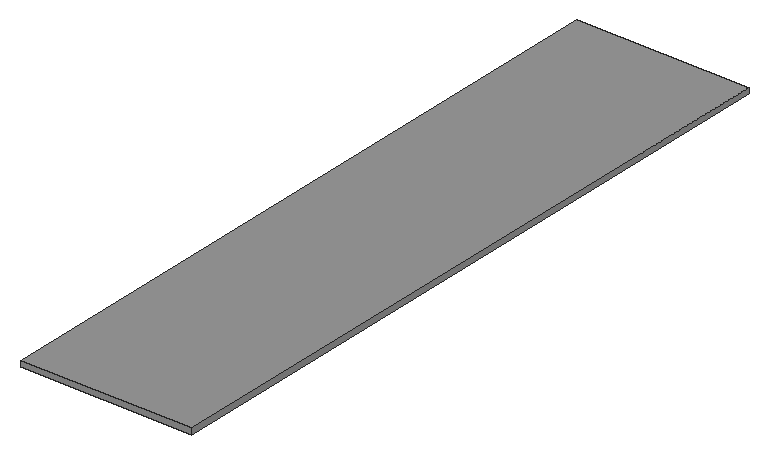
Revit family "VOY2_63_UN_Inlay LED_ETK", category Lighting Fixtures, Revit 2017
Family settings
  Round Connector Dimension = Use Diameter
  Part Type = Normal
  OmniClass Number = 23.80.70.11.14.11
  OmniClass Title = Downlights
  Work Plane-Based = No
  Always vertical = Yes
  Cut with Voids When Loaded = No
  Light Source = No
  Shared = No
  Room Calculation Point = Yes
Parameters (values of type "VOY.2110.10 - 34W / 3700lm / 3000K")
  Wattage Comments = "34W"
  Voltage = 230 V
  URL = "https://www.etk.nl/media/wysiwyg/files/VOY.2.pdf"
  Symbol_Emergency Lighting [instance] = no
  Switch Code [instance] = ""
  Model = "VOY.2"
  Manufacturer = "ETK licht B.V."
  Luminaire_Body_Material = PPS Plastic
  Luminaire Code [instance] = ""
  Light Source = VOY.2 - Lightsource : VOY.2110.10 - 34W / 3700lm / 3000K
  Lamp = "LED"
  IfcExportType = "USERDEFINED"
  IfcExportAs = "IfcLightFixtureType"
  Description = "Recessed/inlay LED"
  Copyright © IVLighting = "www.ivlighting.nl"
  Bundle = "85°"
  Assembly Code = "63.0"
  Apparent Load = 34 VA
Types (5, lengths in mm): name | Light Source
  (no name) | VOY.2 - Lightsource : VOY.2110.10 - 34W / 3700lm / 3000K
  VOY.2110.10 - 34W / 3700lm / 3000K | VOY.2 - Lightsource : VOY.2110.10 - 34W / 3700lm / 3000K
  VOY.2113.10 - 34W / 3700lm / 3000K | VOY.2 - Lightsource : VOY.2113.10 - 34W / 3700lm / 3000K
  VOY.2210.10 - 34W / 3800lm / 4000K | VOY.2 - Lightsource : VOY.2210.10 - 34W / 3800lm / 4000K
  VOY.2213.10 - 34W / 3800lm / 4000K | VOY.2 - Lightsource : VOY.2213.10 - 34W / 3800lm / 4000K
Reference planes
  plane 1 "Center (Front/Back)": y = 0
  plane 2: z = 0
  plane 3 "Center (Left/Right)": x = 0
  plane 4: y = 597.5
  plane 5: x = 147.5
  plane 6: y = -597.5
  plane 7: x = -147.5
  plane 8: z = 10
Forms (mm)
  Revolve 1, solid, material "PPS Plastic", not visible
    sketch origin (0, 0, 0) x (1, 0, 0) y (0, 0, 1)
      loop
        line (-108.916, 0) -> (-108.916, -4.099)
        arc (-108.916, -4.099) -> (-108.406, -4.931) -> (-107.486, -5.258) r 1.461
        line (-107.486, -5.258) -> (-97.804, -5.258) -> (-97.804, 0) -> (-108.916, 0)
      axis (0, 0) -> (0, -5.258)
    angle from 0 to 360
  Revolve 2, solid, material "PPS Plastic" <- "Luminaire_Body_Material", not visible
    sketch origin (0, 0, 0) x (1, 0, 0) y (0, 0, 1)
      loop
        line (-98.741, 0) -> (-97.8, 0) -> (-97.8, 10.593) -> (-90.959, 10.593) -> (-90.959, 14.711) -> (-83.412, 14.711) -> (-83.412, 30.415)
        arc (-83.412, 30.415) -> (-77.825, 42.741) -> (-69.855, 53.677) r 66.418
        line (-69.855, 53.677) -> (-69.855, 60.129) -> (-63.553, 60.129) -> (0, 60.129) -> (0, 61.129) -> (-63.553, 61.129) -> (-69.836, 61.129)
        arc (-69.836, 61.129) -> (-70.557, 60.83) -> (-70.855, 60.109) r 1.02
        line (-70.855, 60.109) -> (-70.855, 54.484)
        arc (-70.855, 54.484) -> (-70.927, 54.088) -> (-71.134, 53.743) r 1.124
        arc (-71.134, 53.743) -> (-77.774, 44.767) -> (-82.842, 34.818) r 67.418
        arc (-82.842, 34.818) -> (-84.016, 30.901) -> (-84.412, 26.83) r 21.103
        line (-84.412, 26.83) -> (-84.412, 16.663)
        arc (-84.412, 16.663) -> (-84.691, 15.989) -> (-85.364, 15.711) r 0.952
        line (-85.364, 15.711) -> (-91.959, 15.711) -> (-91.959, 12.616)
        arc (-91.959, 12.616) -> (-92.258, 11.893) -> (-92.981, 11.593) r 1.022
        line (-92.981, 11.593) -> (-97.697, 11.593)
        arc (-97.697, 11.593) -> (-98.435, 11.287) -> (-98.741, 10.549) r 1.045
        line (-98.741, 10.549) -> (-98.741, 0)
      axis (0, 61.129) -> (0, 0)
    angle from 0 to 360
  Revolve 3, solid, material "PPS Plastic" <- "Luminaire_Body_Material", not visible
    sketch origin (0, 0, 0) x (1, 0, 0) y (0, 0, 1)
      loop
        arc (-36.339, 86.471) -> (-49.965, 76.024) -> (-61.793, 63.579) r 109.701
        arc (-61.793, 63.579) -> (-62.487, 62.326) -> (-62.707, 60.91) r 4.094
        line (-62.707, 60.91) -> (0, 60.91) -> (0, 86.471) -> (-36.339, 86.471)
      axis (0, 86.471) -> (0, 60.91)
    angle from 0 to 360
  Extrusion 4, solid, material "PPS Plastic" <- "Luminaire_Body_Material", not visible
    sketch origin (0, 0, 0) x (1, 0, 0) y (0, 1, 0)
      loop
        circle (0, 0) r 45
    from 86.471 to 87.3
  Extrusion 5, solid, material "UHMW, Black", not visible
    sketch origin (0, 0, 195.137) x (-1, 0, 0) y (0, -1, 0)
      loop
        line (-0.938, -10.632) -> (-0.938, -44.99)
        arc (-0.938, -44.99) -> (0, -45) -> (0.938, -44.99) r 45
        line (0.938, -44.99) -> (0.938, -10.681)
        arc (0.938, -10.681) -> (0, -10.671) -> (-0.938, -10.632) r 29.304
    from -107.837 to -82.548
  Extrusion 6, solid, material "UHMW, Black", not visible
    sketch origin (0, 0, 195.137) x (-0.978148, -0.207912, 0) y (0.207912, -0.978148, 0)
      loop
        line (-0.938, -10.632) -> (-0.938, -44.99)
        arc (-0.938, -44.99) -> (0, -45) -> (0.938, -44.99) r 45
        line (0.938, -44.99) -> (0.938, -10.681)
        arc (0.938, -10.681) -> (0, -10.671) -> (-0.938, -10.632) r 29.304
    from -107.837 to -82.548
  Extrusion 7, solid, material "UHMW, Black", not visible
    sketch origin (0, 0, 195.137) x (-0.978148, 0.207912, 0) y (-0.207912, -0.978148, 0)
      loop
        line (-0.938, -10.632) -> (-0.938, -44.99)
        arc (-0.938, -44.99) -> (0, -45) -> (0.938, -44.99) r 45
        line (0.938, -44.99) -> (0.938, -10.681)
        arc (0.938, -10.681) -> (0, -10.671) -> (-0.938, -10.632) r 29.304
    from -107.837 to -82.548
  Extrusion 8, solid, material "UHMW, Black", not visible
    sketch origin (0, 0, 195.137) x (-0.913545, 0.406737, 0) y (-0.406737, -0.913545, 0)
      loop
        line (-0.938, -10.632) -> (-0.938, -44.99)
        arc (-0.938, -44.99) -> (0, -45) -> (0.938, -44.99) r 45
        line (0.938, -44.99) -> (0.938, -10.681)
        arc (0.938, -10.681) -> (0, -10.671) -> (-0.938, -10.632) r 29.304
    from -107.837 to -82.548
  Extrusion 9, solid, material "UHMW, Black", not visible
    sketch origin (0, 0, 195.137) x (-0.809017, 0.587785, 0) y (-0.587785, -0.809017, 0)
      loop
        line (-0.938, -10.632) -> (-0.938, -44.99)
        arc (-0.938, -44.99) -> (0, -45) -> (0.938, -44.99) r 45
        line (0.938, -44.99) -> (0.938, -10.681)
        arc (0.938, -10.681) -> (0, -10.671) -> (-0.938, -10.632) r 29.304
    from -107.837 to -82.548
  Extrusion 10, solid, material "UHMW, Black", not visible
    sketch origin (0, 0, 195.137) x (-0.669131, 0.743145, 0) y (-0.743145, -0.669131, 0)
      loop
        line (-0.938, -10.632) -> (-0.938, -44.99)
        arc (-0.938, -44.99) -> (0, -45) -> (0.938, -44.99) r 45
        line (0.938, -44.99) -> (0.938, -10.681)
        arc (0.938, -10.681) -> (0, -10.671) -> (-0.938, -10.632) r 29.304
    from -107.837 to -82.548
  Extrusion 11, solid, material "UHMW, Black", not visible
    sketch origin (0, 0, 195.137) x (-0.5, 0.866025, 0) y (-0.866025, -0.5, 0)
      loop
        line (-0.938, -10.632) -> (-0.938, -44.99)
        arc (-0.938, -44.99) -> (0, -45) -> (0.938, -44.99) r 45
        line (0.938, -44.99) -> (0.938, -10.681)
        arc (0.938, -10.681) -> (0, -10.671) -> (-0.938, -10.632) r 29.304
    from -107.837 to -82.548
  Extrusion 12, solid, material "UHMW, Black", not visible
    sketch origin (0, 0, 195.137) x (-0.309017, 0.951057, 0) y (-0.951057, -0.309017, 0)
      loop
        line (-0.938, -10.632) -> (-0.938, -44.99)
        arc (-0.938, -44.99) -> (0, -45) -> (0.938, -44.99) r 45
        line (0.938, -44.99) -> (0.938, -10.681)
        arc (0.938, -10.681) -> (0, -10.671) -> (-0.938, -10.632) r 29.304
    from -107.837 to -82.548
  Extrusion 13, solid, material "UHMW, Black", not visible
    sketch origin (0, 0, 195.137) x (-0.104528, 0.994522, 0) y (-0.994522, -0.104528, 0)
      loop
        line (-0.938, -10.632) -> (-0.938, -44.99)
        arc (-0.938, -44.99) -> (0, -45) -> (0.938, -44.99) r 45
        line (0.938, -44.99) -> (0.938, -10.681)
        arc (0.938, -10.681) -> (0, -10.671) -> (-0.938, -10.632) r 29.304
    from -107.837 to -82.548
  Extrusion 14, solid, material "UHMW, Black", not visible
    sketch origin (0, 0, 195.137) x (0.104528, 0.994522, 0) y (-0.994522, 0.104528, 0)
      loop
        line (-0.938, -10.632) -> (-0.938, -44.99)
        arc (-0.938, -44.99) -> (0, -45) -> (0.938, -44.99) r 45
        line (0.938, -44.99) -> (0.938, -10.681)
        arc (0.938, -10.681) -> (0, -10.671) -> (-0.938, -10.632) r 29.304
    from -107.837 to -82.548
  Extrusion 15, solid, material "UHMW, Black", not visible
    sketch origin (0, 0, 195.137) x (0.309017, 0.951057, 0) y (-0.951057, 0.309017, 0)
      loop
        line (-0.938, -10.632) -> (-0.938, -44.99)
        arc (-0.938, -44.99) -> (0, -45) -> (0.938, -44.99) r 45
        line (0.938, -44.99) -> (0.938, -10.681)
        arc (0.938, -10.681) -> (0, -10.671) -> (-0.938, -10.632) r 29.304
    from -107.837 to -82.548
  Extrusion 16, solid, material "UHMW, Black", not visible
    sketch origin (0, 0, 195.137) x (0.5, 0.866025, 0) y (-0.866025, 0.5, 0)
      loop
        line (-0.938, -10.632) -> (-0.938, -44.99)
        arc (-0.938, -44.99) -> (0, -45) -> (0.938, -44.99) r 45
        line (0.938, -44.99) -> (0.938, -10.681)
        arc (0.938, -10.681) -> (0, -10.671) -> (-0.938, -10.632) r 29.304
    from -107.837 to -82.548
  Extrusion 17, solid, material "UHMW, Black", not visible
    sketch origin (0, 0, 195.137) x (0.669131, 0.743145, 0) y (-0.743145, 0.669131, 0)
      loop
        line (-0.938, -10.632) -> (-0.938, -44.99)
        arc (-0.938, -44.99) -> (0, -45) -> (0.938, -44.99) r 45
        line (0.938, -44.99) -> (0.938, -10.681)
        arc (0.938, -10.681) -> (0, -10.671) -> (-0.938, -10.632) r 29.304
    from -107.837 to -82.548
  Extrusion 18, solid, material "UHMW, Black", not visible
    sketch origin (0, 0, 195.137) x (0.809017, 0.587785, 0) y (-0.587785, 0.809017, 0)
      loop
        line (-0.938, -10.632) -> (-0.938, -44.99)
        arc (-0.938, -44.99) -> (0, -45) -> (0.938, -44.99) r 45
        line (0.938, -44.99) -> (0.938, -10.681)
        arc (0.938, -10.681) -> (0, -10.671) -> (-0.938, -10.632) r 29.304
    from -107.837 to -82.548
  Extrusion 19, solid, material "UHMW, Black", not visible
    sketch origin (0, 0, 195.137) x (0.913545, 0.406737, 0) y (-0.406737, 0.913545, 0)
      loop
        line (-0.938, -10.632) -> (-0.938, -44.99)
        arc (-0.938, -44.99) -> (0, -45) -> (0.938, -44.99) r 45
        line (0.938, -44.99) -> (0.938, -10.681)
        arc (0.938, -10.681) -> (0, -10.671) -> (-0.938, -10.632) r 29.304
    from -107.837 to -82.548
  Extrusion 20, solid, material "UHMW, Black", not visible
    sketch origin (0, 0, 195.137) x (0.978148, 0.207912, 0) y (-0.207912, 0.978148, 0)
      loop
        line (-0.938, -10.632) -> (-0.938, -44.99)
        arc (-0.938, -44.99) -> (0, -45) -> (0.938, -44.99) r 45
        line (0.938, -44.99) -> (0.938, -10.681)
        arc (0.938, -10.681) -> (0, -10.671) -> (-0.938, -10.632) r 29.304
    from -107.837 to -82.548
  Extrusion 21, solid, material "UHMW, Black", not visible
    sketch origin (0, 0, 195.137) x (1, 0, 0) y (0, 1, 0)
      loop
        line (-0.938, -10.632) -> (-0.938, -44.99)
        arc (-0.938, -44.99) -> (0, -45) -> (0.938, -44.99) r 45
        line (0.938, -44.99) -> (0.938, -10.681)
        arc (0.938, -10.681) -> (0, -10.671) -> (-0.938, -10.632) r 29.304
    from -107.837 to -82.548
  Extrusion 22, solid, material "UHMW, Black", not visible
    sketch origin (0, 0, 195.137) x (0.978148, -0.207912, 0) y (0.207912, 0.978148, 0)
      loop
        line (-0.938, -10.632) -> (-0.938, -44.99)
        arc (-0.938, -44.99) -> (0, -45) -> (0.938, -44.99) r 45
        line (0.938, -44.99) -> (0.938, -10.681)
        arc (0.938, -10.681) -> (0, -10.671) -> (-0.938, -10.632) r 29.304
    from -107.837 to -82.548
  Extrusion 23, solid, material "UHMW, Black", not visible
    sketch origin (0, 0, 195.137) x (0.913545, -0.406737, 0) y (0.406737, 0.913545, 0)
      loop
        line (-0.938, -10.632) -> (-0.938, -44.99)
        arc (-0.938, -44.99) -> (0, -45) -> (0.938, -44.99) r 45
        line (0.938, -44.99) -> (0.938, -10.681)
        arc (0.938, -10.681) -> (0, -10.671) -> (-0.938, -10.632) r 29.304
    from -107.837 to -82.548
  Extrusion 24, solid, material "UHMW, Black", not visible
    sketch origin (0, 0, 195.137) x (0.809017, -0.587785, 0) y (0.587785, 0.809017, 0)
      loop
        line (-0.938, -10.632) -> (-0.938, -44.99)
        arc (-0.938, -44.99) -> (0, -45) -> (0.938, -44.99) r 45
        line (0.938, -44.99) -> (0.938, -10.681)
        arc (0.938, -10.681) -> (0, -10.671) -> (-0.938, -10.632) r 29.304
    from -107.837 to -82.548
  Extrusion 25, solid, material "UHMW, Black", not visible
    sketch origin (0, 0, 195.137) x (0.669131, -0.743145, 0) y (0.743145, 0.669131, 0)
      loop
        line (-0.938, -10.632) -> (-0.938, -44.99)
        arc (-0.938, -44.99) -> (0, -45) -> (0.938, -44.99) r 45
        line (0.938, -44.99) -> (0.938, -10.681)
        arc (0.938, -10.681) -> (0, -10.671) -> (-0.938, -10.632) r 29.304
    from -107.837 to -82.548
  Extrusion 26, solid, material "UHMW, Black", not visible
    sketch origin (0, 0, 195.137) x (0.5, -0.866025, 0) y (0.866025, 0.5, 0)
      loop
        line (-0.938, -10.632) -> (-0.938, -44.99)
        arc (-0.938, -44.99) -> (0, -45) -> (0.938, -44.99) r 45
        line (0.938, -44.99) -> (0.938, -10.681)
        arc (0.938, -10.681) -> (0, -10.671) -> (-0.938, -10.632) r 29.304
    from -107.837 to -82.548
  Extrusion 27, solid, material "UHMW, Black", not visible
    sketch origin (0, 0, 195.137) x (0.309017, -0.951057, 0) y (0.951057, 0.309017, 0)
      loop
        line (-0.938, -10.632) -> (-0.938, -44.99)
        arc (-0.938, -44.99) -> (0, -45) -> (0.938, -44.99) r 45
        line (0.938, -44.99) -> (0.938, -10.681)
        arc (0.938, -10.681) -> (0, -10.671) -> (-0.938, -10.632) r 29.304
    from -107.837 to -82.548
  Extrusion 28, solid, material "UHMW, Black", not visible
    sketch origin (0, 0, 195.137) x (0.104528, -0.994522, 0) y (0.994522, 0.104528, 0)
      loop
        line (-0.938, -10.632) -> (-0.938, -44.99)
        arc (-0.938, -44.99) -> (0, -45) -> (0.938, -44.99) r 45
        line (0.938, -44.99) -> (0.938, -10.681)
        arc (0.938, -10.681) -> (0, -10.671) -> (-0.938, -10.632) r 29.304
    from -107.837 to -82.548
  Extrusion 29, solid, material "UHMW, Black", not visible
    sketch origin (0, 0, 195.137) x (-0.104528, -0.994522, 0) y (0.994522, -0.104528, 0)
      loop
        line (-0.938, -10.632) -> (-0.938, -44.99)
        arc (-0.938, -44.99) -> (0, -45) -> (0.938, -44.99) r 45
        line (0.938, -44.99) -> (0.938, -10.681)
        arc (0.938, -10.681) -> (0, -10.671) -> (-0.938, -10.632) r 29.304
    from -107.837 to -82.548
  Extrusion 30, solid, material "UHMW, Black", not visible
    sketch origin (0, 0, 195.137) x (-0.309017, -0.951057, 0) y (0.951057, -0.309017, 0)
      loop
        line (-0.938, -10.632) -> (-0.938, -44.99)
        arc (-0.938, -44.99) -> (0, -45) -> (0.938, -44.99) r 45
        line (0.938, -44.99) -> (0.938, -10.681)
        arc (0.938, -10.681) -> (0, -10.671) -> (-0.938, -10.632) r 29.304
    from -107.837 to -82.548
  Extrusion 31, solid, material "UHMW, Black", not visible
    sketch origin (0, 0, 195.137) x (-0.5, -0.866025, 0) y (0.866025, -0.5, 0)
      loop
        line (-0.938, -10.632) -> (-0.938, -44.99)
        arc (-0.938, -44.99) -> (0, -45) -> (0.938, -44.99) r 45
        line (0.938, -44.99) -> (0.938, -10.681)
        arc (0.938, -10.681) -> (0, -10.671) -> (-0.938, -10.632) r 29.304
    from -107.837 to -82.548
  Extrusion 32, solid, material "UHMW, Black", not visible
    sketch origin (0, 0, 195.137) x (-0.669131, -0.743145, 0) y (0.743145, -0.669131, 0)
      loop
        line (-0.938, -10.632) -> (-0.938, -44.99)
        arc (-0.938, -44.99) -> (0, -45) -> (0.938, -44.99) r 45
        line (0.938, -44.99) -> (0.938, -10.681)
        arc (0.938, -10.681) -> (0, -10.671) -> (-0.938, -10.632) r 29.304
    from -107.837 to -82.548
  Extrusion 33, solid, material "UHMW, Black", not visible
    sketch origin (0, 0, 195.137) x (-0.809017, -0.587785, 0) y (0.587785, -0.809017, 0)
      loop
        line (-0.938, -10.632) -> (-0.938, -44.99)
        arc (-0.938, -44.99) -> (0, -45) -> (0.938, -44.99) r 45
        line (0.938, -44.99) -> (0.938, -10.681)
        arc (0.938, -10.681) -> (0, -10.671) -> (-0.938, -10.632) r 29.304
    from -107.837 to -82.548
  Extrusion 34, solid, material "UHMW, Black", not visible
    sketch origin (0, 0, 195.137) x (-0.913545, -0.406737, 0) y (0.406737, -0.913545, 0)
      loop
        line (-0.938, -10.632) -> (-0.938, -44.99)
        arc (-0.938, -44.99) -> (0, -45) -> (0.938, -44.99) r 45
        line (0.938, -44.99) -> (0.938, -10.681)
        arc (0.938, -10.681) -> (0, -10.671) -> (-0.938, -10.632) r 29.304
    from -107.837 to -82.548
  Extrusion 35, solid, material "PPS Plastic" <- "Luminaire_Body_Material", not visible
    sketch origin (0.938, 0, 0) x (1, 0, 0) y (0, 0, 1)
      loop
        line (-90.709, 14.711) -> (-89.709, 14.711) -> (-89.709, 47.263)
        arc (-89.709, 47.263) -> (-89.547, 48.318) -> (-89.074, 49.276) r 3.51
        line (-89.074, 49.276) -> (-63.792, 85.382)
        arc (-63.792, 85.382) -> (-62.879, 86.183) -> (-61.7, 86.471) r 2.554
        line (-61.7, 86.471) -> (-36.836, 86.471) -> (-36.836, 87.3) -> (-62.068, 87.3)
        arc (-62.068, 87.3) -> (-63.489, 86.952) -> (-64.589, 85.988) r 3.078
        line (-64.589, 85.988) -> (-90.082, 49.58)
        arc (-90.082, 49.58) -> (-90.549, 48.634) -> (-90.709, 47.591) r 3.468
        line (-90.709, 47.591) -> (-90.709, 14.711)
    from -18.722 to 17.678
  Extrusion 36, solid, material "PPS Plastic" <- "Luminaire_Body_Material", not visible
    sketch origin (-0.938, 0, 0) x (-1, 0, 0) y (0, 0, -1)
      loop
        line (-90.709, -14.711) -> (-90.709, -47.591)
        arc (-90.709, -47.591) -> (-90.549, -48.634) -> (-90.082, -49.58) r 3.468
        line (-90.082, -49.58) -> (-64.589, -85.988)
        arc (-64.589, -85.988) -> (-63.489, -86.952) -> (-62.068, -87.3) r 3.078
        line (-62.068, -87.3) -> (-36.836, -87.3) -> (-36.836, -86.471) -> (-61.7, -86.471)
        arc (-61.7, -86.471) -> (-62.879, -86.183) -> (-63.792, -85.382) r 2.554
        line (-63.792, -85.382) -> (-89.074, -49.276)
        arc (-89.074, -49.276) -> (-89.547, -48.318) -> (-89.709, -47.263) r 3.51
        line (-89.709, -47.263) -> (-89.709, -14.711) -> (-90.709, -14.711)
    from -18.722 to 17.678
  Revolve 37, solid, material "PPS Plastic", not visible
    sketch origin (0, 0, 0) x (1, 0, 0) y (0, 0, 1)
      loop
        arc (-61.908, 31.25) -> (-81.159, 16.629) -> (-98.212, -0.504) r 175.119
        line (-98.212, -0.504) -> (-98.212, -1.729)
        arc (-98.212, -1.729) -> (-81.093, 15.622) -> (-61.721, 30.415) r 174.319
        line (-61.721, 30.415) -> (0, 30.415) -> (0, 31.25) -> (-61.908, 31.25)
      axis (0, 31.25) -> (0, -1.729)
    angle from 0 to 360
  Revolve 38, solid, material "Glass, White, High Luminance", not visible
    sketch origin (0, 0, 0) x (1, 0, 0) y (0, 0, 1)
      loop
        line (-63.082, 29.507) -> (0, 29.507) -> (0, 30.415) -> (-61.721, 30.415)
        arc (-61.721, 30.415) -> (-62.416, 29.983) -> (-63.082, 29.507) r 12.642
      axis (0, 30.415) -> (0, 29.415)
    angle from 0 to 360
  Extrusion 39, solid, material "PPS Plastic" <- "Luminaire_Body_Material"
    sketch origin (0, 0, 0) x (1, 0, 0) y (0, 1, 0)
      loop
        line (-147.5, 597.5) -> (-147.5, -597.5) -> (147.5, -597.5) -> (147.5, 597.5) -> (-147.5, 597.5)
      loop
        line (-137.5, 587.5) -> (-137.5, -587.5) -> (137.5, -587.5) -> (137.5, 587.5) -> (-137.5, 587.5)
    from 0 to 10
  Extrusion 40, solid, material "Glass, White, High Luminance"
    sketch origin (0, 0, 0) x (1, 0, 0) y (0, 1, 0)
      loop
        line (-137.5, 587.5) -> (-137.5, -587.5) -> (137.5, -587.5) -> (137.5, 587.5) -> (-137.5, 587.5)
    from 0 to 6.319
  Extrusion 41, solid, material "PPS Plastic" <- "Luminaire_Body_Material"
    sketch origin (0, 0, 0) x (1, 0, 0) y (0, 1, 0)
      loop
        line (137.5, 587.5) -> (-137.5, 587.5) -> (-137.5, -587.5) -> (137.5, -587.5) -> (137.5, 587.5)
    from 8 to 10
Cuts and joins
  joined: Extrusion 39, Extrusion 41
Dimensions and locks
  plane 8 to level = 10 mm  (x2)
  aligned and locked: level to plane 2
  aligned and locked: plane 4 to cut or joined group of Extrusion 39, Extrusion 41
  aligned and locked: plane 7 to cut or joined group of Extrusion 39, Extrusion 41
  aligned and locked: plane 5 to cut or joined group of Extrusion 39, Extrusion 41
Nested families
  nested 1: "VOY.2 - Lightsource" at (0, 0, 0), type <- "Light Source", type "VOY.2110.10 - 34W / 3700lm / 3000K"
  nested 2: "VOY.2Light_Symbol_IVL " at (0, 0, 0), type "VOY.2Light_Symbol_IVL "
Connectors
  electrical at (0, 0, 10), driven by "Apparent Load", driven by "Voltage"
    settings: on Extrusion 39, index 1, voltage 230 V, apparent load 0 VA, apparent load phase1 34 VA, apparent load phase2 0 VA, apparent load phase3 0 VA, power factor 1, load classification "Lighting", number of poles 1, system type 31, power factor state 1, is connector primary yes, connector utility no, sub classification motor no, connector description ""
Definition of nested family "VOY.2 - Lightsource"
  Parameters (values of type "VOY.2213.10 - 34W / 3800lm / 4000K")
    Wattage Comments = "35W"
    Wattage = 25.582 W
    built-in parameter 1150110 = 1 (stored number, unit not read)
    URL = "https://www.etk.nl/media/wysiwyg/files/VOY.1.pdf"
    built-in parameter 1114217 = 1 (stored number, unit not read)
    Tilt Angle = 90.00°
    built-in parameter 1150109 = 1 (stored number, unit not read)
    built-in parameter 1150134 = 12
    built-in parameter 1150113 = 1 (stored number, unit not read)
    Photometric Web File = "VOY.2223.10.ies"
    Model = "VOY.2"
    Manufacturer = "ETK B.V."
    built-in parameter 1150105 = 302.39 (stored number, unit not read)
    Lumens = 3800 lm
    built-in parameter 1150115 = 1 (stored number, unit not read)
    built-in parameter 1150137 = (empty or 0)
    built-in parameter 1150139 = (empty or 0)
    built-in parameter 1150112 = 1 (stored number, unit not read)
    built-in parameter 1150114 = 1 (stored number, unit not read)
    Lamp = "LED"
    built-in parameter 1150132 = 2
    built-in parameter 1150102 = (empty or 0)
    built-in parameter 1150107 = 4000 (stored number, unit not read)
    built-in parameter 1150138 = (empty or 0)
    built-in parameter 1150106 = 3.0239 (stored number, unit not read)
    built-in parameter 1150104 = 13.8 (stored number, unit not read)
    Dimming Lamp Color Temperature Shift = (empty or 0)
    Description = "Light sources"
    Copyright © IVLighting = "www.ivlighting.nl"
    Color Filter = 16777215
    Bundle = "110°"
    built-in parameter 1114218 = 1 (stored number, unit not read)
    built-in parameter 1150133 = 10 (stored number, unit not read)
    Assembly Code = "63.0"
    Apparent Load = 35 VA
  Types (4, lengths in mm): name | Wattage Comments | Wattage | built-in parameter 1150134 | Photometric Web File | built-in parameter 1150105 | Lumens | built-in parameter 1150107 | built-in parameter 1150106
    VOY.2110.10 - 34W / 3700lm / 3000K | "35W" | 24.9088 W | (empty or 0) | "VOY.2120.10.ies" | 294.44 (stored number, unit not read) | 3700 lm | 3000 (stored number, unit not read) | 2.9444 (stored number, unit not read)
    VOY.2210.10 - 34W / 3800lm / 4000K | "34W" | 25.582 W | 12 | "VOY.2220.10.ies" | 302.39 (stored number, unit not read) | 3800 lm | 4000 (stored number, unit not read) | 3.0239 (stored number, unit not read)
    VOY.2113.10 - 34W / 3700lm / 3000K | "35W" | 24.9088 W | (empty or 0) | "VOY.2123.10.ies" | 294.44 (stored number, unit not read) | 3700 lm | 3000 (stored number, unit not read) | 2.9444 (stored number, unit not read)
    VOY.2213.10 - 34W / 3800lm / 4000K | "35W" | 25.582 W | 12 | "VOY.2223.10.ies" | 302.39 (stored number, unit not read) | 3800 lm | 4000 (stored number, unit not read) | 3.0239 (stored number, unit not read)
  Reference planes
    plane 1 "Center (Front/Back)": y = 0
    plane 2: z = 0
    plane 3 "Center (Left/Right)": x = 0
  Dimensions and locks
    aligned and locked: level to plane 2
Definition of nested family "VOY.2Light_Symbol_IVL "
  Parameters (values of type "VOY.2Light_Symbol_IVL ")
    Symbol_Emergency Lighting = no
  Reference planes
    plane 1: y = 0
    plane 2: x = 0
  Lines and regions (mm)
    Filled region 1, type "Filled region 1", visible <- "Symbol_Emergency Lighting"
      outline origin (-1.5, 6, 0) x (1, 0, 0) y (0, 1, 0)
        loop
          line (0, 0) -> (0, -12) -> (1.5, -6) -> (0, 0)
    Filled region 2, type "Filled region 1", visible <- "Symbol_Emergency Lighting"
      outline origin (1.5, 6, 0) x (0, 1, 0) y (-1, 0, 0)
        loop
          line (0, 0) -> (-6, 1.5) -> (-12, 0) -> (0, 0)
    detail lines
      curve 1: line (1.5, -6, 0) -> (1.5, 6, 0)
      curve 2: line (-1.5, 6, 0) -> (1.5, 6, 0)
      curve 3: line (-1.5, -6, 0) -> (1.5, -6, 0)
      curve 4: line (-1.5, 6, 0) -> (-1.5, -6, 0)
  Dimensions and locks
    curve 3 to curve 2 = 12 mm
